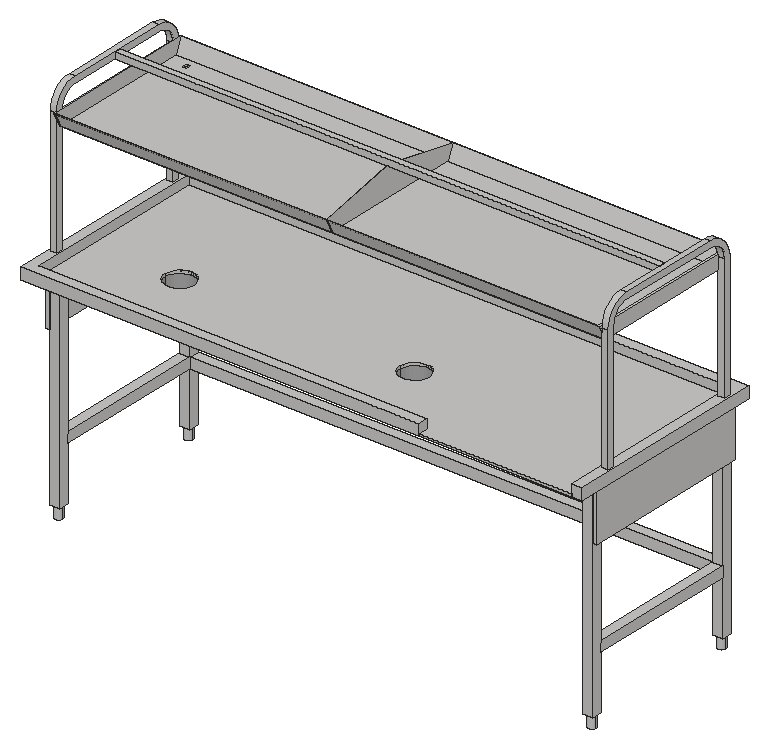
Revit family "QF_ZANUSSI_865339_BHST2208L", category Attrezzature speciali, Revit 2020
Family settings
  Quota connettore circolare = Usa diametro
  Tipo di parte = Normale
  Basato su piano di lavoro = No
  Sempre verticale = Sì
  Taglio con vuoti quando caricato = No
  Condiviso = No
  Punto di calcolo locali = No
Parameters (values of type "Standard")
  Weight = 18.00 kg
  Watts = 0 W
  Volts = 0 V
  URL Manufacturer = "http://www.zanussiprofessional.com"
  URL = "http://www.zanussiprofessional.com"
  Steam Supply Size = 0 mm
  Steam Supply Minimum Pressure = 0.0 Pa
  Steam Supply Maximum Pressure = 0.0 Pa
  Steam Consumption per Hour = 0
  Refrigeration Suction Line Size = 0 mm
  Refrigeration Liquid Line Size = 0 mm
  Refrigerant Compressor Remote = yes
  Prospetto di default = 0 mm
  Produttore = "Zanussi"
  Phase = 0
  Modello = "BHST2208L"
  Length Actual = 2200 mm  # constant formula
  Item Number = "865339"
  Hot Water Size = 0 mm
  Height Actual = 1551 mm  # constant formula
  HP = "0 HP"
  Gas Size = 0 mm
  Gas KW = 0
  Gas Input Pressure = 0 W
  Direct Waste Size = 0 mm
  Description = "SORTING TABLE, LEFT>RIGHT, 2200X800 MM "
  Depth Actual = 800 mm  # constant formula
  Cycle = 0 Hz
  Condensate Return Size = 0 mm
  Compressed Air Volume = 0.0 L/s
  Compressed Air Size = 0 mm
  Compressed Air Pressure = 0.0 Pa
  Cold Water Size = 0 mm
  Accessory = yes
Reference planes
  plane 1 "Centro (Fronte/Retro)": y = 0
  plane 2: z = 0
  plane 3 "Centro (Sinistra/Destra)": x = 0
  plane 4: x = 1100
  plane 5: z = 1492
  plane 6: x = 20
  plane 7: y = -379.5
  plane 8: x = 56
  plane 9: y = -60
  plane 10: y = -695
  plane 11: x = 2200
  plane 12: x = 2144
Forms (mm)
  Extrusion 1, solid, material "QF_Finishes_Stainless Steel"
    sketch origin (-964, -40, 0) x (1, 0, 0) y (0, 1, 0)
      loop
        line (1000, 0) -> (1000, -40) -> (1040, -40) -> (1040, 0) -> (1000, 0)
    from 45 to 865
  Extrusion 2, solid, material "QF_Finishes_Stainless Steel"
    sketch origin (-964, -40, 0) x (1, 0, 0) y (0, 1, 0)
      loop
        circle (1020, -20) r 15
    from 0 to 45
  Extrusion 3, solid, material "QF_Finishes_Stainless Steel"
    sketch origin (-964, -675, 0) x (1, 0, 0) y (0, 1, 0)
      loop
        line (1000, 0) -> (1000, -40) -> (1040, -40) -> (1040, 0) -> (1000, 0)
    from 45 to 865
  Extrusion 4, solid, material "QF_Finishes_Stainless Steel"
    sketch origin (-964, -675, 0) x (1, 0, 0) y (0, 1, 0)
      loop
        circle (1020, -20) r 15
    from 0 to 45
  Extrusion 5, solid, material "QF_Finishes_Stainless Steel"
    sketch origin (0, 0, 0) x (1, 0, 0) y (0, 0, 1)
      loop
        line (76, 259.624) -> (2124, 259.624) -> (2124, 299.579) -> (76, 299.579) -> (76, 259.624)
    from 40 to 80
  Extrusion 6, solid, material "QF_Finishes_Stainless Steel"
    sketch origin (36, 0, 0) x (0, 1, 0) y (0, 0, 1)
      loop
        line (-80, 299.579) -> (-675, 299.579) -> (-675, 259.579) -> (-80, 259.579) -> (-80, 299.579)
    from 0 to 40
  Sweep 7, solid, material "QF_Finishes_Stainless Steel"
    path origin (0, 0, -12) x (0, 1, 0) y (0, 0, 1)
      loop
        line (-95, 922) -> (-95, 1412)
        arc (-95, 1412) -> (-118.431, 1468.569) -> (-175, 1492) r 80
        line (-175, 1492) -> (-584, 1492)
        arc (-584, 1492) -> (-640.569, 1468.569) -> (-664, 1412) r 80
        line (-664, 1412) -> (-664, 922)
    profile origin (0, -95, 1155) x (0, -1, 0) y (1, 0, 0)
      loop
        line (-12, 8) -> (12, 8) -> (12, 32) -> (-12, 32) -> (-12, 8)
  Extrusion 8, solid, material "QF_Finishes_Stainless Steel"
    sketch origin (0, 0, -12) x (0, 1, 0) y (0, 0, 1)
      loop
        line (-367.5, 1504) -> (-391.5, 1504) -> (-391.5, 1480) -> (-367.5, 1480) -> (-367.5, 1504)
    from 32 to 2168
  Extrusion 9, void
    sketch origin (32, 0, -6.687) x (0, 1, 0) y (0, 0, 1)
      loop
        line (-56.629, 1444.891) -> (-702.371, 1444.891) -> (-663.034, 1360.532) -> (-95.966, 1360.532) -> (-56.629, 1444.891)
    from 3.287 to 2130
  Extrusion 10, solid, material "QF_Finishes_Stainless Steel"
    sketch origin (32, 0, -12) x (0, 1, 0) y (0, 0, 1)
      loop
        line (-70.92, 1418.976) -> (-688.08, 1418.976) -> (-661.76, 1362.532) -> (-97.24, 1362.532) -> (-70.92, 1418.976)
    from 0 to 2136
  Extrusion 11, void
    sketch origin (0, 0, -12) x (1, 0, 0) y (0, 1, 0)
      loop
        circle (108.268, -136.161) r 12
    from 1301.755 to 1377.519
  Extrusion 12, solid, material "QF_Finishes_Stainless Steel"
    sketch origin (0, 0, -12) x (1, 0, 0) y (0, 1, 0)
      loop
        circle (108.21, -136.146) r 13
    from 1316.037 to 1362.532
  Extrusion 13, void
    sketch origin (0, 0, -12) x (1, 0, 0) y (0, 1, 0)
      loop
        circle (108.268, -136.161) r 10
    from 1301.755 to 1377.519
  Extrusion 14, solid, material "QF_Finishes_Stainless Steel"
    sketch origin (1700, 0, 865) x (-1, 0, 0) y (0, -1, 0)
      loop
        line (-460, 814) -> (-460, 40) -> (1660, 40) -> (1660, 774) -> (140, 774) -> (140, 814) -> (-460, 814)
    from 0 to 10
  Sweep 15, solid, material "QF_Finishes_Stainless Steel"
    path origin (2200, 0, -12) x (0, 1, 0) y (0, 0, -1)
      loop
        line (-95, -922) -> (-95, -1412)
        arc (-95, -1412) -> (-118.431, -1468.569) -> (-175, -1492) r 80
        line (-175, -1492) -> (-584, -1492)
        arc (-584, -1492) -> (-640.569, -1468.569) -> (-664, -1412) r 80
        line (-664, -1412) -> (-664, -922)
    profile origin (2200, -95, 1155) x (0, 1, 0) y (-1, 0, 0)
      loop
        line (12, 8) -> (12, 32) -> (-12, 32) -> (-12, 8) -> (12, 8)
  Extrusion 16, solid, material "QF_Finishes_Stainless Steel"
    sketch origin (3164, -40, 0) x (-1, 0, 0) y (0, -1, 0)
      loop
        line (1000, 0) -> (1040, 0) -> (1040, 40) -> (1000, 40) -> (1000, 0)
    from 45 to 865
  Extrusion 17, solid, material "QF_Finishes_Stainless Steel"
    sketch origin (3164, -40, 0) x (-1, 0, 0) y (0, -1, 0)
      loop
        circle (1020, 20) r 15
    from 0 to 45
  Extrusion 18, solid, material "QF_Finishes_Stainless Steel"
    sketch origin (3164, -675, 0) x (-1, 0, 0) y (0, -1, 0)
      loop
        line (1000, 0) -> (1040, 0) -> (1040, 40) -> (1000, 40) -> (1000, 0)
    from 45 to 865
  Extrusion 19, solid, material "QF_Finishes_Stainless Steel"
    sketch origin (3164, -675, 0) x (-1, 0, 0) y (0, -1, 0)
      loop
        circle (1020, 20) r 15
    from 0 to 45
  Extrusion 20, solid, material "QF_Finishes_Stainless Steel"
    sketch origin (2164, 0, 0) x (0, 1, 0) y (0, 0, -1)
      loop
        line (-80, -299.579) -> (-80, -259.579) -> (-675, -259.579) -> (-675, -299.579) -> (-80, -299.579)
    from 0 to 40
  Extrusion 21, solid, material "QF_Finishes_Stainless Steel"
    sketch origin (1, 0, 0) x (0, 1, 0) y (0, 0, 1)
      loop
        line (-367.5, 1468) -> (-391.5, 1468) -> (-687.809, 1406.976) -> (-663.034, 1353.844) -> (-95.966, 1353.844) -> (-71.191, 1406.976) -> (-367.5, 1468)
    from 1098 to 1100
  Extrusion 22, solid, material "QF_Finishes_Stainless Steel"
    sketch origin (0, 0, 0) x (0, 1, 0) y (0, 0, 1)
      loop
        line (-40, 865) -> (-715, 865) -> (-715, 660) -> (-40, 660) -> (-40, 865)
    from 20 to 36
  Extrusion 23, solid, material "QF_Finishes_Stainless Steel"
    sketch origin (2200, 0, 0) x (0, 1, 0) y (0, 0, -1)
      loop
        line (-40, -865) -> (-40, -660) -> (-715, -660) -> (-715, -865) -> (-40, -865)
    from 20 to 36
  Extrusion 24, solid, material "QF_Finishes_Stainless Steel"
    sketch origin (2200, 0, 865) x (-1, 0, 0) y (0, -1, 0)
      loop
        line (0, 0) -> (2200, 0) -> (2200, 814) -> (640, 814) -> (640, 774) -> (2160, 774) -> (2160, 40) -> (40, 40) -> (40, 814) -> (0, 814) -> (0, 0)
    from 0 to 45
  Extrusion 25, void
    sketch origin (1000, -30, 0) x (-1, 0, 0) y (0, -1, 0)
      loop
        circle (610, 490) r 58
    from 674.596 to 947.421
  Extrusion 26, void
    sketch origin (1920, -30, 0) x (-1, 0, 0) y (0, -1, 0)
      loop
        circle (610, 490) r 58
    from 674.596 to 947.421
Cuts and joins
  Extrusion 9, Extrusion 13 cuts Extrusion 10
  Extrusion 11 cuts Extrusion 12
  Extrusion 25, Extrusion 26 cuts Extrusion 14
Dimensions and locks
  plane 5 to level = 1492 mm  (x2)
  Extrusion 5 to Extrusion 5 = 39.955 mm
  Extrusion 1 to Extrusion 3 = 595 mm
  plane 9 to plane 10 = 635 mm
  plane 11 to plane 3 "Centro (Sinistra/Destra)" = 2200 mm
  Sweep 7 to Sweep 7 = 545 mm
  plane 3 "Centro (Sinistra/Destra)" to plane 11 = 2200 mm
  plane 3 "Centro (Sinistra/Destra)" to plane 4 = 1100 mm
  Extrusion 18 to Extrusion 3 = 2048 mm
  plane 12 to plane 8 = 2088 mm
  plane 1 "Centro (Fronte/Retro)" to Extrusion 24 = 814 mm
  Extrusion 24 to plane 1 "Centro (Fronte/Retro)" = 814 mm
  aligned and locked: level to plane 2
  aligned and locked: Extrusion 2 to Extrusion 1
  aligned and locked: Extrusion 4 to Extrusion 3
  aligned and locked: Extrusion 8 to Sweep 7
  aligned and locked: Extrusion 16 to Extrusion 17
  aligned and locked: Extrusion 18 to Extrusion 19
Nested families
  nested 1: "FORO_IMMONDIZIE - 200" at (390, -520, 863.471) x (-1, 0, 0) z (0, 0, 1), type "FORO_IMMONDIZIE - 200"
  nested 2: "FORO_IMMONDIZIE - 200" at (1310, -520, 863.471) x (-1, 0, 0) z (0, 0, 1), type "FORO_IMMONDIZIE - 200"
Definition of nested family "FORO_IMMONDIZIE - 200"
  Parameters (values of type "FORO_IMMONDIZIE - 200")
    Default Elevation = 1219.2 mm
  Reference planes
    plane 1 "Centro (Fronte/Retro)": y = 0
    plane 2: z = 0
    plane 3 "Centro (Sinistra/Destra)": x = 0
    plane 4: z = -110
  Forms (mm)
    Extrusion 1, solid, not visible
      sketch origin (0, 0, 0) x (1, 0, 0) y (0, 1, 0)
        loop
          line (-1219.2, 1219.2) -> (-1219.2, -1219.2) -> (1219.2, -1219.2) -> (1219.2, 1219.2) -> (-1219.2, 1219.2)
      from 0 to -304.8
    Extrusion 2, solid
      sketch origin (0, 0, 0) x (1, 0, 0) y (0, 1, 0)
        loop
          circle (0, 0) r 60
        loop
          circle (0, 0) r 90
      from -110 to 1.529
  Dimensions and locks
    aligned and locked: plane 2 to Extrusion 1
    aligned and locked: level to Extrusion 1
